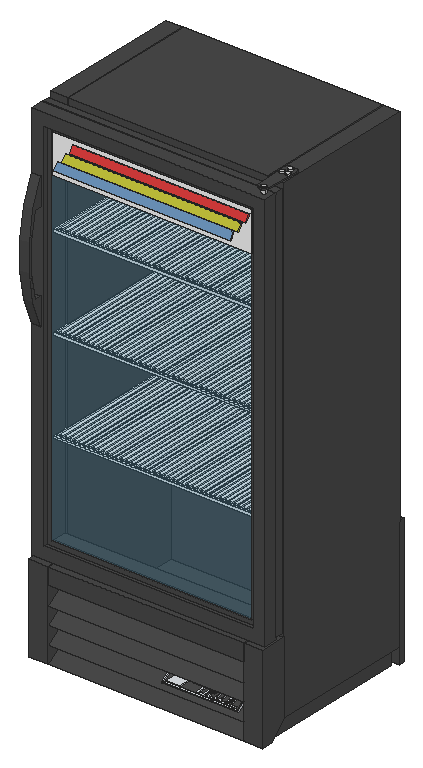
Revit family "QF_TRUE_GDM-10SSL-HC~TSL01", category Specialty Equipment, Revit 2016
Family settings
  Part Type = Normal
  Round Connector Dimension = Use Diameter
  Work Plane-Based = No
  Always vertical = Yes
  Cut with Voids When Loaded = No
  Shared = No
  Room Calculation Point = No
Parameters
  Weight in Pounds = 170
  Watts = Volts * FL Amps  # 230 W
  Volts = 115 V
  URL Cutsheet = ""
  Specification by User = ""
  Specification by Manufacturer = ""
  Show Logo [instance] = yes
  Show Default Legs [instance] = not(Show 2.5 Inches Castors)  # yes
  Show Clearance [instance] = yes
  Show 2.5 Inches Castors [instance] = no
  Serial Number = ""
  Seismic Rating = ""
  SMACNA No = ""
  Revision Code = ""
  Phase = 1
  Number of Poles = 1
  NAFEM Spec ID Number = ""
  Model = "GDM-10LSS-HC~TSL01"
  Min Ckt Ampacity = 0 A
  Max Overcurrent Protection = 0 A
  Materials and Finishes [instance] = QF_Plastic - Black - Smooth
  Masterspec = ""
  Manufacturer = "TRUE"
  Length = 24 13/16"
  Item Number = ""
  Installed By = ""
  Identify Quantity as Lot = yes
  Height [instance] = Body Height + Base Height  # 53 3/8"
  HP = "1/6"
  Furnished By = ""
  Foodservice Equipment Identifier = yes
  FL Amps = 2 A
  Electrical Remarks = ""
  Electric Connection Type = ""
  Elec Conn RI Height = 0"
  Elec Conn Connection Height = 0"
  Description = "SWING DOOR SUPER SLIM LINE REFRIGERATOR WITH HYDROCARBON REFRIGERANT-TRUE STANDARD LOOK VERSION 01"
  Depth = 20 1/32"
  Cycle = 60 Hz
  Conn Plug = "NEMA 5-15P"
  Conn Conduit = yes
  CSI MasterFormat = ""
  Body Height [instance] = 53 3/16"  # constant formula
  Base Height [instance] = if(Show 2.5 Inches Castors, 2 1/2", 3/16")  # 3/16"
  Apparent Power = 0 VA
Reference planes (in)
  plane 1 "BACK": y = 0
  plane 2: z = 0
  plane 3 "LEFT": x = 0
  plane 4 "RIGHT": x = 24.8125
  plane 5 "FRONT": y = -20.03125
  plane 6 "TOP": z = 53.375
  plane 7 "Center Y": x = 12.40625
  plane 8 "Center X": y = -10.01562
  plane 9: y = -0.53125
  plane 10: y = -18.40625
  plane 11: y = -41.625
  plane 12: z = 0.1875
Dimensions and locks (in)
  equal spacing: plane 3 "LEFT", plane 7 "Center Y", plane 4 "RIGHT"
  "Length": plane 3 "LEFT" to plane 4 "RIGHT"
  equal spacing: plane 5 "FRONT", plane 8 "Center X", plane 1 "BACK"
  "Depth": plane 5 "FRONT" to plane 1 "BACK"
  "Body Height": plane 6 "TOP" to plane 12
  plane 4 "RIGHT" to plane 3 "LEFT" = 24 13/16"
  plane 9 to plane 1 "BACK" = 17/32"
  plane 10 to plane 9 = 17 7/8"
  plane 5 "FRONT" to plane 10 = 1 5/8"
  plane 5 "FRONT" to plane 1 "BACK" = 20 1/32"
  plane 11 to plane 1 "BACK" = 41 5/8"
  "Base Height": plane 12 to level
  aligned and locked: level to plane 2
  aligned and locked: nested 1 to plane 12
Nested families (in)
  nested 1: "GDM-10-58-HC-TSL01" at (0, 0, 0), Show Clearance <- "Show Clearance", Show Default Legs <- "Show Default Legs", Show Logo <- "Show Logo", type "GDM-10-58-HC-TSL01"
    with Show Logo yes, Show Default Legs yes, Show Clearance yes
  nested 2: "2.5 INCHES_CASTER" at (2.25, -2.53125, 0), visible <- "Show 2.5 Inches Castors", 2.5 Inches Caster <- "Show 2.5 Inches Castors", type "2.5 INCHES_CASTER"
    with Type Mark "", Specification by User "", Revision Code "", Item Number "", Installed By "", Identify Quantity as Lot yes, Furnished By "", Foodservice Equipment Identifier yes, 2.5 Inches Caster no
  nested 3: "2.5 INCHES_CASTER" at (22.5625, -2.53125, 0), visible <- "Show 2.5 Inches Castors", 2.5 Inches Caster <- "Show 2.5 Inches Castors", type "2.5 INCHES_CASTER"
    with Type Mark "", Specification by User "", Revision Code "", Item Number "", Installed By "", Identify Quantity as Lot yes, Furnished By "", Foodservice Equipment Identifier yes, 2.5 Inches Caster no
  nested 4: "2.5 INCHES_CASTER" at (2.25, -17.28125, 0), visible <- "Show 2.5 Inches Castors", 2.5 Inches Caster <- "Show 2.5 Inches Castors", type "2.5 INCHES_CASTER"
    with Type Mark "", Specification by User "", Revision Code "", Item Number "", Installed By "", Identify Quantity as Lot yes, Furnished By "", Foodservice Equipment Identifier yes, 2.5 Inches Caster no
  nested 5: "2.5 INCHES_CASTER" at (22.5625, -17.28125, 0), visible <- "Show 2.5 Inches Castors", 2.5 Inches Caster <- "Show 2.5 Inches Castors", type "2.5 INCHES_CASTER"
    with Type Mark "", Specification by User "", Revision Code "", Item Number "", Installed By "", Identify Quantity as Lot yes, Furnished By "", Foodservice Equipment Identifier yes, 2.5 Inches Caster no
Connectors (in)
  electrical at (12.40625, 0, 7.53125), driven by "Volts", driven by "Watts"
    settings: on nested 1, index 1, voltage 115 V, apparent load 230 VA, apparent load phase1 0 VA, apparent load phase2 0 VA, apparent load phase3 0 VA, power factor 1, load classification "Other", number of poles 1, system type 30, power factor state 1, is connector primary yes, connector utility no, sub classification motor no, connector description "ELECTRICAL CONNECTION"
Definition of nested family "GDM-10-58-HC-TSL01"
  Parameters (values of type "GDM-10-58-HC-TSL01")
    Weight in Pounds = 0
    Watts = 0 W
    Volts = 0 V
    URL Cutsheet = ""
    Specification by User = ""
    Specification by Manufacturer = ""
    Show Logo [instance] = yes
    Show Default Legs [instance] = yes
    Show Clearance [instance] = yes
    Serial Number = ""
    Seismic Rating = ""
    SMACNA No = ""
    Revision Code = ""
    Phase = 0
    Number of Poles = 1
    NAFEM Spec ID Number = ""
    Model = ""
    Min Ckt Ampacity = 0 A
    Max Overcurrent Protection = 0 A
    Materials and Finishes = none
    Masterspec = ""
    Manufacturer = ""
    Length = 24 13/16"
    Item Number = ""
    Installed By = ""
    Identify Quantity as Lot = yes
    Height = 53 3/8"
    HP = "0"
    Furnished By = ""
    Foodservice Equipment Identifier = yes
    FL Amps = 0 A
    Electrical Remarks = ""
    Electric Connection Type = ""
    Elec Conn RI Height = 0"
    Elec Conn Connection Height = 0"
    Description = ""
    Depth = 20 1/32"
    Cycle = 0 Hz
    Conn Plug = ""
    Conn Conduit = yes
    CSI MasterFormat = ""
    Apparent Power = 0 VA
  Reference planes (in)
    plane 1 "BACK": y = 0
    plane 2: z = 0
    plane 3 "LEFT": x = 0
    plane 4 "RIGHT": x = 24.8125
    plane 5 "FRONT": y = -20.03125
    plane 6 "TOP": z = 53.375
    plane 7 "Center Y": x = 12.40625
    plane 8 "Center X": y = -10.01562
    plane 9: y = -0.53125
    plane 10: z = 10.5
    plane 11: z = 2.375
    plane 12: z = 10.5
    plane 13: y = -41.625
    plane 14: y = -46.625
    plane 15: z = 0.1875
    plane 16: y = -18.40625
  Forms (in)
    Extrusion 1, solid
      sketch origin (0.03125, -18.4375, 65.50979) x (0, 0, 1) y (1, 0, 0)
        loop
          line (-13.96984, 23.53125) -> (-54.00979, 23.53125) -> (-54.00979, 1.21875) -> (-13.96984, 1.21875) -> (-13.96984, 23.53125)
        loop
          line (-14.46984, 23.03125) -> (-53.50979, 23.03125) -> (-53.50979, 1.71875) -> (-14.46984, 1.71875) -> (-14.46984, 23.03125)
      from 2.25251 to 0.5
    Extrusion 2, solid, material <- "Materials and Finishes"
      sketch origin (0.03125, -18.4375, 65.50979) x (0, 0, 1) y (1, 0, 0)
        loop
          line (-55.25979, -0.03125) -> (-12.71984, -0.03125) -> (-12.71984, 24.78125) -> (-55.25979, 24.78125) -> (-55.25979, -0.03125)
        loop
          line (-13.96984, 23.53125) -> (-54.00979, 23.53125) -> (-54.00979, 1.21875) -> (-13.96984, 1.21875) -> (-13.96984, 23.53125)
      from 1.50251 to 0.03125
    Extrusion 3, solid
      sketch origin (0.03125, -18.4375, 65.50979) x (0, 0, 1) y (1, 0, 0)
        loop
          line (-13.96984, 23.53125) -> (-54.00979, 23.53125) -> (-54.00979, 1.21875) -> (-13.96984, 1.21875) -> (-13.96984, 23.53125)
        loop
          line (-13.71984, 23.78125) -> (-54.25979, 23.78125) -> (-54.25979, 0.96875) -> (-13.71984, 0.96875) -> (-13.71984, 23.78125)
      from 2.25251 to 2.5625
    Extrusion 4, solid
      sketch origin (0.03125, 2.9375, 12.89062) x (0, 1, 0) y (0, 0, 1)
        loop
          line (-3.46875, 39.39932) -> (-5.125, 39.39932) -> (-5.125, -9.51562) -> (-18.8125, -9.51562) -> (-18.8125, -10.51562) -> (-3.46875, -10.51562) -> (-3.46875, 39.39932)
      from 1.75 to 23
    Extrusion 5, solid, material <- "Materials and Finishes"
      sketch origin (0.03125, 2.9375, 12.89062) x (0, -1, 0) y (0, 0, 1)
        loop
          line (18.8125, 40.39932) -> (3.46875, 40.39932) -> (3.46875, -10.51562) -> (18.8125, -10.51562) -> (18.8125, 40.39932)
      from 0.03125 to -1.75
    Extrusion 6, solid, material <- "Materials and Finishes"
      sketch origin (0, -0.0625, -1.8125) x (0, 1, 0) y (0, 0, 1)
        loop
          line (-0.46875, 2.5) -> (0.0625, 2.5) -> (0.0625, 16.1875) -> (-0.46875, 16.1875) -> (-0.46875, 2.5)
      from 0 to 24.8125
    Extrusion 7, solid, material <- "Materials and Finishes"
      sketch origin (0, 5.46875, 0.375) x (0, 1, 0) y (0, 0, 1)
        loop
          line (-21.34375, 9.625) -> (-24.20354, 9.625) -> (-24.20354, 0.3125) -> (-23.03125, 0.3125) -> (-21.34375, 2) -> (-21.34375, 9.625)
      from 0 to 2
    Extrusion 8, solid
      sketch origin (0, 0.46875, 0.375) x (0, 1, 0) y (0, 0, 1)
        loop
          line (-16.34375, 2) -> (-18.03125, 0.3125) -> (-18.45312, 0.3125) -> (-18.45312, -0.1875) -> (-1, -0.1875) -> (-1, 2) -> (-16.34375, 2)
      from 0.98361 to 23.82889
    Extrusion 9, solid, material <- "Materials and Finishes"
      sketch origin (2, 5.46875, 0.375) x (0, 1, 0) y (0, 0, 1)
        loop
          line (-24.20354, 9.625) -> (-24.20354, 7.875) -> (-21.40384, 7.875) -> (-24.20354, 5.88192) -> (-23.74627, 5.88192) -> (-21.34375, 7.61566) -> (-21.34375, 9.625) -> (-24.20354, 9.625)
        loop
          line (-21.34375, 6.04694) -> (-24.20354, 4.01463) -> (-23.74627, 4.01463) -> (-21.34375, 5.74837) -> (-21.34375, 6.04694)
        loop
          line (-21.34375, 3.88108) -> (-21.34375, 4.17966) -> (-24.20354, 2.11927) -> (-23.78927, 2.11927) -> (-21.34375, 3.88108)
        loop
          line (-21.34375, 2.37289) -> (-24.20354, 0.3125) -> (-23.03125, 0.3125) -> (-21.34375, 2) -> (-21.34375, 2.37289)
      from 0 to 20.8125
    Extrusion 10, solid
      sketch origin (0.03125, -17.9375, 65.50979) x (0, 0, -1) y (1, 0, 0)
        loop
          line (18.71984, 1.71875) -> (53.50979, 1.71875) -> (53.50979, 23.03125) -> (18.71984, 23.03125) -> (18.71984, 1.71875)
      from 0 to -0.125
    Extrusion 11, solid, visible <- "Show Clearance", detail levels coarse
      sketch origin (23.15625, -18.4375, 10.5) x (0, -1, 0) y (-1, 0, 0)
        loop
          line (-0.03125, -1.65625) -> (23.1875, -1.65625)
          arc (23.1875, -1.65625) -> (16.70099, 15.54381) -> (-0.03125, 23.15625) r 24.08186
          line (-0.03125, 23.15625) -> (-0.03125, -1.65625)
      from 0.25 to -42.28994
    Extrusion 12, solid, material <- "Materials and Finishes"
      sketch origin (24.78125, 2.9375, 12.89062) x (0, -1, 0) y (0, 0, -1)
        loop
          line (18.8125, -40.39932) -> (18.8125, 10.51562) -> (3.46875, 10.51562) -> (3.46875, -40.39932) -> (18.8125, -40.39932)
      from 0.03125 to -1.75
    Extrusion 13, solid, material <- "Materials and Finishes"
      sketch origin (0.03125, -16.96624, 65.50979) x (0, 0, 1) y (1, 0, 0)
        loop
          line (-55.00979, -0.03125) -> (-12.71984, -0.03125) -> (-12.71984, 24.78125) -> (-55.00979, 24.78125) -> (-55.00979, -0.03125)
        loop
          line (-13.96984, 23.53125) -> (-53.75979, 23.53125) -> (-53.75979, 1.21875) -> (-13.96984, 1.21875) -> (-13.96984, 23.53125)
      from 0.78125 to 0.03125
    Extrusion 14, solid, material <- "Materials and Finishes"
      sketch origin (24.8125, 5.46875, 0.375) x (0, 1, 0) y (0, 0, -1)
        loop
          line (-21.34375, -9.625) -> (-21.34375, -2) -> (-23.03125, -0.3125) -> (-24.20354, -0.3125) -> (-24.20354, -9.625) -> (-21.34375, -9.625)
      from 0 to 2
    Extrusion 15, solid
      sketch origin (0.35938, 5, 0) x (1, 0, 0) y (0, 1, 0)
        loop
          circle (23.55974, -22.48479) r 0.25
      from 10 to 53.375
    Extrusion 16, solid, material <- "Materials and Finishes"
      sketch origin (0.375, 7.875, 22.39062) x (0, 1, 0) y (0, 0, 1)
        loop
          arc (-26.28125, 24.2861) -> (-27.90626, 17.09363) -> (-26.28125, 9.90116) r 16.72986
          line (-26.28125, 9.90116) -> (-26.28125, 12.85144) -> (-27.1009, 12.85144)
          arc (-27.1009, 12.85144) -> (-27.65626, 17.09363) -> (-27.1009, 21.33582) r 16.47986
          line (-27.1009, 21.33582) -> (-26.28125, 21.33582) -> (-26.28125, 24.2861)
      from -0.375 to 0.625
    Revolve 17, solid, visible <- "Show Default Legs"
      sketch origin (2, 5.46875, 0) x (0, 1, 0) y (0, 0, 1)
        loop
          line (-21.84375, 0) -> (-21.84375, 0.1875) -> (-22.6184, 0.1875) -> (-22.6184, 0) -> (-21.84375, 0)
        axis (-21.84375, 0) -> (-21.84375, 0.1875)
      angle from 0 to 360
    Revolve 18, solid, visible <- "Show Default Legs"
      sketch origin (2, 20.21875, 0) x (0, 1, 0) y (0, 0, 1)
        loop
          line (-21.84375, 0) -> (-21.84375, 0.1875) -> (-22.6184, 0.1875) -> (-22.6184, 0) -> (-21.84375, 0)
        axis (-21.84375, 0) -> (-21.84375, 0.1875)
      angle from 0 to 360
    Revolve 19, solid, visible <- "Show Default Legs"
      sketch origin (22.8125, 5.46875, 0) x (0, 1, 0) y (0, 0, -1)
        loop
          line (-21.84375, 0) -> (-22.6184, 0) -> (-22.6184, -0.1875) -> (-21.84375, -0.1875) -> (-21.84375, 0)
        axis (-21.84375, 0) -> (-21.84375, -0.1875)
      angle from 0 to 360
    Revolve 20, solid, visible <- "Show Default Legs"
      sketch origin (22.8125, 20.21875, 0) x (0, 1, 0) y (0, 0, -1)
        loop
          line (-21.84375, 0) -> (-22.6184, 0) -> (-22.6184, -0.1875) -> (-21.84375, -0.1875) -> (-21.84375, 0)
        axis (-21.84375, 0) -> (-21.84375, -0.1875)
      angle from 0 to 360
    Extrusion 21, solid, not visible
      sketch origin (-6.9261, -177.0625, 34.29306) x (-1, 0, 0) y (0, -1, 0)
        loop
          line (-8.70735, -174.875) -> (-8.70735, -159.25251) -> (-29.95735, -159.25251) -> (-29.95735, -174.875) -> (-8.70735, -174.875)
        loop
          line (-8.95735, -174.625) -> (-8.95735, -159.50251) -> (-29.70735, -159.50251) -> (-29.70735, -174.625) -> (-8.95735, -174.625)
      from 0 to 0.25
    Extrusion 22, solid, not visible
      sketch origin (0.23437, 2.9375, 7.80869) x (1, 0, 0) y (0, 0, 1)
        loop
          circle (10.17187, 26.73438) r 0.125
        loop
          circle (9.67187, 26.73438) r 0.125
        loop
          circle (9.17187, 26.73438) r 0.125
        loop
          circle (8.67187, 26.73438) r 0.125
        loop
          circle (8.17187, 26.73438) r 0.125
        loop
          circle (7.67187, 26.73438) r 0.125
        loop
          circle (7.17187, 26.73438) r 0.125
        loop
          circle (6.67187, 26.73438) r 0.125
        loop
          circle (6.17187, 26.73438) r 0.125
        loop
          circle (5.67187, 26.73438) r 0.125
        loop
          circle (5.17187, 26.73438) r 0.125
        loop
          circle (4.67187, 26.73438) r 0.125
        loop
          circle (4.17187, 26.73438) r 0.125
        loop
          circle (3.67187, 26.73438) r 0.125
        loop
          circle (3.17187, 26.73438) r 0.125
        loop
          circle (2.67187, 26.73438) r 0.125
        loop
          circle (2.17187, 26.73438) r 0.125
        loop
          circle (10.67187, 26.73438) r 0.125
        loop
          circle (11.17187, 26.73438) r 0.125
        loop
          circle (11.67187, 26.73438) r 0.125
        loop
          circle (12.17188, 26.73438) r 0.125
        loop
          circle (14.17188, 26.73438) r 0.125
        loop
          circle (14.67188, 26.73438) r 0.125
        loop
          circle (15.17188, 26.73438) r 0.125
        loop
          circle (15.67188, 26.73438) r 0.125
        loop
          circle (16.17188, 26.73438) r 0.125
        loop
          circle (16.67188, 26.73438) r 0.125
        loop
          circle (17.17188, 26.73438) r 0.125
        loop
          circle (17.67188, 26.73438) r 0.125
        loop
          circle (18.17188, 26.73438) r 0.125
        loop
          circle (18.67188, 26.73438) r 0.125
        loop
          circle (19.17188, 26.73438) r 0.125
        loop
          circle (19.67188, 26.73438) r 0.125
        loop
          circle (20.17188, 26.73438) r 0.125
        loop
          circle (20.67188, 26.73438) r 0.125
        loop
          circle (21.17188, 26.73438) r 0.125
        loop
          circle (21.67188, 26.73438) r 0.125
        loop
          circle (22.17188, 26.73438) r 0.125
        loop
          circle (13.67188, 26.73438) r 0.125
        loop
          circle (13.17188, 26.73438) r 0.125
        loop
          circle (12.67188, 26.73438) r 0.125
      from 5.375 to 20.49749
    Extrusion 23, solid
      sketch origin (-6.9261, -177.0625, 31.567) x (-1, 0, 0) y (0, -1, 0)
        loop
          line (-8.70735, -174.875) -> (-8.70735, -159.25251) -> (-29.95735, -159.25251) -> (-29.95735, -174.875) -> (-8.70735, -174.875)
        loop
          line (-8.95735, -174.625) -> (-8.95735, -159.50251) -> (-29.70735, -159.50251) -> (-29.70735, -174.625) -> (-8.95735, -174.625)
      from 0 to 0.25
    Extrusion 24, solid
      sketch origin (0.23437, 2.9375, 5.08262) x (1, 0, 0) y (0, 0, 1)
        loop
          circle (10.17187, 26.73438) r 0.125
        loop
          circle (9.67187, 26.73438) r 0.125
        loop
          circle (9.17187, 26.73438) r 0.125
        loop
          circle (8.67187, 26.73438) r 0.125
        loop
          circle (8.17187, 26.73438) r 0.125
        loop
          circle (7.67187, 26.73438) r 0.125
        loop
          circle (7.17187, 26.73438) r 0.125
        loop
          circle (6.67187, 26.73438) r 0.125
        loop
          circle (6.17187, 26.73438) r 0.125
        loop
          circle (5.67187, 26.73438) r 0.125
        loop
          circle (5.17187, 26.73438) r 0.125
        loop
          circle (4.67187, 26.73438) r 0.125
        loop
          circle (4.17187, 26.73438) r 0.125
        loop
          circle (3.67187, 26.73438) r 0.125
        loop
          circle (3.17187, 26.73438) r 0.125
        loop
          circle (2.67187, 26.73438) r 0.125
        loop
          circle (2.17187, 26.73438) r 0.125
        loop
          circle (10.67187, 26.73438) r 0.125
        loop
          circle (11.17187, 26.73438) r 0.125
        loop
          circle (11.67187, 26.73438) r 0.125
        loop
          circle (12.17188, 26.73438) r 0.125
        loop
          circle (14.17188, 26.73438) r 0.125
        loop
          circle (14.67188, 26.73438) r 0.125
        loop
          circle (15.17188, 26.73438) r 0.125
        loop
          circle (15.67188, 26.73438) r 0.125
        loop
          circle (16.17188, 26.73438) r 0.125
        loop
          circle (16.67188, 26.73438) r 0.125
        loop
          circle (17.17188, 26.73438) r 0.125
        loop
          circle (17.67188, 26.73438) r 0.125
        loop
          circle (18.17188, 26.73438) r 0.125
        loop
          circle (18.67188, 26.73438) r 0.125
        loop
          circle (19.17188, 26.73438) r 0.125
        loop
          circle (19.67188, 26.73438) r 0.125
        loop
          circle (20.17188, 26.73438) r 0.125
        loop
          circle (20.67188, 26.73438) r 0.125
        loop
          circle (21.17188, 26.73438) r 0.125
        loop
          circle (21.67188, 26.73438) r 0.125
        loop
          circle (22.17188, 26.73438) r 0.125
        loop
          circle (13.67188, 26.73438) r 0.125
        loop
          circle (13.17188, 26.73438) r 0.125
        loop
          circle (12.67188, 26.73438) r 0.125
      from 5.375 to 20.49749
    Extrusion 25, solid
      sketch origin (-6.9261, -177.0625, 41.413) x (-1, 0, 0) y (0, -1, 0)
        loop
          line (-8.70735, -174.875) -> (-8.70735, -159.25251) -> (-29.95735, -159.25251) -> (-29.95735, -174.875) -> (-8.70735, -174.875)
        loop
          line (-8.95735, -174.625) -> (-8.95735, -159.50251) -> (-29.70735, -159.50251) -> (-29.70735, -174.625) -> (-8.95735, -174.625)
      from 0 to 0.25
    Extrusion 26, solid
      sketch origin (0.23437, 2.9375, 14.92862) x (1, 0, 0) y (0, 0, 1)
        loop
          circle (10.17187, 26.73438) r 0.125
        loop
          circle (9.67187, 26.73438) r 0.125
        loop
          circle (9.17187, 26.73438) r 0.125
        loop
          circle (8.67187, 26.73438) r 0.125
        loop
          circle (8.17187, 26.73438) r 0.125
        loop
          circle (7.67187, 26.73438) r 0.125
        loop
          circle (7.17187, 26.73438) r 0.125
        loop
          circle (6.67187, 26.73438) r 0.125
        loop
          circle (6.17187, 26.73438) r 0.125
        loop
          circle (5.67187, 26.73438) r 0.125
        loop
          circle (5.17187, 26.73438) r 0.125
        loop
          circle (4.67187, 26.73438) r 0.125
        loop
          circle (4.17187, 26.73438) r 0.125
        loop
          circle (3.67187, 26.73438) r 0.125
        loop
          circle (3.17187, 26.73438) r 0.125
        loop
          circle (2.67187, 26.73438) r 0.125
        loop
          circle (2.17187, 26.73438) r 0.125
        loop
          circle (10.67187, 26.73438) r 0.125
        loop
          circle (11.17187, 26.73438) r 0.125
        loop
          circle (11.67187, 26.73438) r 0.125
        loop
          circle (12.17188, 26.73438) r 0.125
        loop
          circle (14.17188, 26.73438) r 0.125
        loop
          circle (14.67188, 26.73438) r 0.125
        loop
          circle (15.17188, 26.73438) r 0.125
        loop
          circle (15.67188, 26.73438) r 0.125
        loop
          circle (16.17188, 26.73438) r 0.125
        loop
          circle (16.67188, 26.73438) r 0.125
        loop
          circle (17.17188, 26.73438) r 0.125
        loop
          circle (17.67188, 26.73438) r 0.125
        loop
          circle (18.17188, 26.73438) r 0.125
        loop
          circle (18.67188, 26.73438) r 0.125
        loop
          circle (19.17188, 26.73438) r 0.125
        loop
          circle (19.67188, 26.73438) r 0.125
        loop
          circle (20.17188, 26.73438) r 0.125
        loop
          circle (20.67188, 26.73438) r 0.125
        loop
          circle (21.17188, 26.73438) r 0.125
        loop
          circle (21.67188, 26.73438) r 0.125
        loop
          circle (22.17188, 26.73438) r 0.125
        loop
          circle (13.67188, 26.73438) r 0.125
        loop
          circle (13.17188, 26.73438) r 0.125
        loop
          circle (12.67188, 26.73438) r 0.125
      from 5.375 to 20.49749
    Extrusion 27, solid
      sketch origin (-6.9261, -177.0625, 21.721) x (-1, 0, 0) y (0, -1, 0)
        loop
          line (-8.70735, -174.875) -> (-8.70735, -159.25251) -> (-29.95735, -159.25251) -> (-29.95735, -174.875) -> (-8.70735, -174.875)
        loop
          line (-8.95735, -174.625) -> (-8.95735, -159.50251) -> (-29.70735, -159.50251) -> (-29.70735, -174.625) -> (-8.95735, -174.625)
      from 0 to 0.25
    Extrusion 28, solid
      sketch origin (0.23437, 2.9375, -4.76338) x (1, 0, 0) y (0, 0, 1)
        loop
          circle (10.17187, 26.73438) r 0.125
        loop
          circle (9.67187, 26.73438) r 0.125
        loop
          circle (9.17187, 26.73438) r 0.125
        loop
          circle (8.67187, 26.73438) r 0.125
        loop
          circle (8.17187, 26.73438) r 0.125
        loop
          circle (7.67187, 26.73438) r 0.125
        loop
          circle (7.17187, 26.73438) r 0.125
        loop
          circle (6.67187, 26.73438) r 0.125
        loop
          circle (6.17187, 26.73438) r 0.125
        loop
          circle (5.67187, 26.73438) r 0.125
        loop
          circle (5.17187, 26.73438) r 0.125
        loop
          circle (4.67187, 26.73438) r 0.125
        loop
          circle (4.17187, 26.73438) r 0.125
        loop
          circle (3.67187, 26.73438) r 0.125
        loop
          circle (3.17187, 26.73438) r 0.125
        loop
          circle (2.67187, 26.73438) r 0.125
        loop
          circle (2.17187, 26.73438) r 0.125
        loop
          circle (10.67187, 26.73438) r 0.125
        loop
          circle (11.17187, 26.73438) r 0.125
        loop
          circle (11.67187, 26.73438) r 0.125
        loop
          circle (12.17188, 26.73438) r 0.125
        loop
          circle (14.17188, 26.73438) r 0.125
        loop
          circle (14.67188, 26.73438) r 0.125
        loop
          circle (15.17188, 26.73438) r 0.125
        loop
          circle (15.67188, 26.73438) r 0.125
        loop
          circle (16.17188, 26.73438) r 0.125
        loop
          circle (16.67188, 26.73438) r 0.125
        loop
          circle (17.17188, 26.73438) r 0.125
        loop
          circle (17.67188, 26.73438) r 0.125
        loop
          circle (18.17188, 26.73438) r 0.125
        loop
          circle (18.67188, 26.73438) r 0.125
        loop
          circle (19.17188, 26.73438) r 0.125
        loop
          circle (19.67188, 26.73438) r 0.125
        loop
          circle (20.17188, 26.73438) r 0.125
        loop
          circle (20.67188, 26.73438) r 0.125
        loop
          circle (21.17188, 26.73438) r 0.125
        loop
          circle (21.67188, 26.73438) r 0.125
        loop
          circle (22.17188, 26.73438) r 0.125
        loop
          circle (13.67188, 26.73438) r 0.125
        loop
          circle (13.17188, 26.73438) r 0.125
        loop
          circle (12.67188, 26.73438) r 0.125
      from 5.375 to 20.49749
    Extrusion 29, solid, material <- "Materials and Finishes"
      sketch origin (4.31688, 7.875, 17.80556) x (1, 0, 0) y (0, 1, 0)
        loop
          arc (19.40165, -21.39984) -> (19.03744, -21.55726) -> (18.90258, -21.93042) r 0.5
          line (18.90258, -21.93042) -> (19.11273, -25.35979)
          arc (19.11273, -25.35979) -> (19.6118, -25.82921) -> (20.11086, -25.35979) r 0.5
          line (20.11086, -25.35979) -> (20.32101, -21.93042)
          arc (20.32101, -21.93042) -> (20.18615, -21.55726) -> (19.82195, -21.39984) r 0.5
          line (19.82195, -21.39984) -> (19.40165, -21.39984)
      from 35.48438 to 35.56944
    Extrusion 30, solid
      sketch origin (4.30731, 7.875, 17.80556) x (1, 0, 0) y (0, 1, 0)
        loop
          circle (19.6118, -21.78078) r 0.25
        loop
          circle (19.30218, -22.51019) r 0.25
        loop
          circle (19.92141, -22.51019) r 0.25
      from 35.48438 to 35.64063
    Extrusion 31, solid
      sketch origin (0.75, -15.8125, -26.58506) x (-1, 0, 0) y (0, 0, 1)
        loop
          line (-1, 77.625) -> (-22.3125, 77.625) -> (-22.3125, 73.375) -> (-1, 73.375) -> (-1, 77.625)
      from -0.37249 to -2.125
    Extrusion 32, solid
      sketch origin (0.75, -17.9375, -25.33506) x (1, 0, 0) y (0, 0, 1)
        loop
          line (2.10165, 73.75) -> (20.84375, 73.75) -> (21.22761, 74.75) -> (2.48552, 74.75) -> (2.10165, 73.75)
      from 0 to 0.03125
    Extrusion 33, solid
      sketch origin (0.75, -17.9375, -26.33506) x (1, 0, 0) y (0, 0, 1)
        loop
          line (3.30123, 76.875) -> (2.91736, 75.875) -> (21.64348, 75.875) -> (22.02734, 76.875) -> (3.30123, 76.875)
      from 0 to 0.03125
    Extrusion 34, solid
      sketch origin (0.75, -17.9375, -24.33506) x (1, 0, 0) y (0, 0, 1)
        loop
          line (1.28594, 71.625) -> (20.02239, 71.625) -> (20.40625, 72.625) -> (1.66981, 72.625) -> (1.28594, 71.625)
      from 0 to 0.03125
    Extrusion 35, solid, material <- "Materials and Finishes"
      sketch origin (20.40625, -69.74366, 53.28994) x (0, 1, 0) y (-1, 0, 0)
        loop
          line (69.21241, -2.625) -> (69.21241, 18.625) -> (53.86866, 18.625) -> (53.86866, -2.625) -> (69.21241, -2.625)
      from 0 to -1
    Extrusion 36, solid, material <- "Materials and Finishes"
      sketch origin (0, 0, 0) x (1, 0, 0) y (0, 0, 1)
        loop
          circle (12.40625, 7.53125) r 0.25
      from 0 to -0.125
  Lines and regions (in)
    symbolic lines
      curve 1: line (0, 0, 0) -> (24.8125, 0, 0)
      curve 2: line (0, -18.40625, 0) -> (0, 0, 0)
      curve 3: line (24.8125, -18.40625, 0) -> (0, -18.40625, 0)
      curve 4: line (24.8125, 0, 0) -> (24.8125, -18.40625, 0)
      curve 5: line (24.8125, -16.93499, 0) -> (24.46144, -16.93499, 0)
      curve 6: line (24.8125, -16.18499, 0) -> (24.5074, -16.18499, 0)
      curve 7: line (0, -15.875, 0) -> (23.33097, -15.875, 0)
      curve 8: line (1.78125, -0.53125, 0) -> (1.78125, -15.875, 0)
      curve 9: line (23.03125, -15.875, 0) -> (23.03125, -0.53125, 0)
      curve 10: line (0, -0.53125, 0) -> (24.8125, -0.53125, 0)
      curve 11: line (0, -20.03126, 0) -> (0, -18.40625, 0)
      curve 12: line (0, -20.03126, 0) -> (1, -20.03126, 0)
      curve 13: line (1, -20.03126, 0) -> (1, -18.40625, 0)
      curve 14: line (24.8125, -18.40625, 0) -> (3.78864, -30.54438, 0)
      curve 15: arc (3.78864, -30.54438, 0) -> (1.07871, -24.72989, 0) -> (0, -18.40625, 0) r 24.08186
      curve 16: line (24.13883, -13.52484, 0) -> (23.71853, -13.52484, 0)
      curve 17: arc (23.71853, -13.52484, 0) -> (23.35432, -13.68226, 0) -> (23.21947, -14.05542, 0) r 0.5
      curve 18: line (23.21947, -14.05542, 0) -> (23.42962, -17.48479, 0)
      curve 19: arc (23.42962, -17.48479, 0) -> (23.92868, -17.95421, 0) -> (24.42775, -17.48479, 0) r 0.5
      curve 20: line (24.42775, -17.48479, 0) -> (24.6379, -14.05542, 0)
      curve 21: arc (24.6379, -14.05542, 0) -> (24.50304, -13.68226, 0) -> (24.13883, -13.52484, 0) r 0.5
      curve 22: arc (24.16911, -17.48479, 0) -> (23.91911, -17.23479, 0) -> (23.66911, -17.48479, 0) r 0.25
      curve 23: arc (23.66911, -17.48479, 0) -> (23.91911, -17.73479, 0) -> (24.16911, -17.48479, 0) r 0.25
      curve 24: arc (23.3595, -14.63519, 0) -> (23.6095, -14.88519, 0) -> (23.8595, -14.63519, 0) r 0.25
      curve 25: arc (23.8595, -14.63519, 0) -> (23.6095, -14.38519, 0) -> (23.3595, -14.63519, 0) r 0.25
      curve 26: arc (23.97873, -14.63519, 0) -> (24.22873, -14.88519, 0) -> (24.47873, -14.63519, 0) r 0.25
      curve 27: arc (24.47873, -14.63519, 0) -> (24.22873, -14.38519, 0) -> (23.97873, -14.63519, 0) r 0.25
      curve 28: arc (23.66911, -13.90578, 0) -> (23.91911, -14.15578, 0) -> (24.16911, -13.90578, 0) r 0.25
      curve 29: arc (24.16911, -13.90578, 0) -> (23.91911, -13.65578, 0) -> (23.66911, -13.90578, 0) r 0.25
      curve 30: line (24.52639, -15.875, 0) -> (24.8125, -15.875, 0)
      curve 31: line (23.34997, -16.18499, 0) -> (0, -16.18499, 0)
      curve 32: line (23.39593, -16.93499, 0) -> (0, -16.93499, 0)
  Dimensions and locks (in)
    equal spacing: plane 3 "LEFT", plane 7 "Center Y", plane 4 "RIGHT"
    "Length": plane 3 "LEFT" to plane 4 "RIGHT"
    equal spacing: plane 5 "FRONT", plane 8 "Center X", plane 1 "BACK"
    "Depth": plane 5 "FRONT" to plane 1 "BACK"
    "Height": plane 6 "TOP" to level
    plane 4 "RIGHT" to plane 3 "LEFT" = 24 13/16"
    plane 9 to plane 1 "BACK" = 17/32"
    plane 5 "FRONT" to plane 1 "BACK" = 20 1/32"
    plane 1 "BACK" to plane 13 = 41 5/8"
    plane 14 to plane 1 "BACK" = 46 5/8"
    plane 15 to level = 3/16"
    plane 16 to plane 9 = 17 7/8"
    equal spacing: Extrusion 6, Extrusion 36 sketch curve, Extrusion 7
    aligned and locked: level to plane 2
  Automatic sketch dimensions
    Extrusion 24 sketch curve to Extrusion 24 sketch curve = 1/2"  (x40)
    Extrusion 24 sketch curve to Extrusion 24 sketch curve = 0"  (x40)
    Extrusion 26 sketch curve to Extrusion 26 sketch curve = 1/2"  (x40)
    Extrusion 26 sketch curve to Extrusion 26 sketch curve = 0"  (x40)
    Extrusion 28 sketch curve to Extrusion 28 sketch curve = 1/2"  (x40)
    Extrusion 28 sketch curve to Extrusion 28 sketch curve = 0"  (x40)
    Extrusion 6 sketch curve to Extrusion 6 sketch curve = 13 11/16"
    Extrusion 7 sketch curve to Extrusion 7 sketch curve = 1 11/16"  (x2)
    Extrusion 7 sketch curve to Extrusion 7 sketch curve = 7 5/8"
    Extrusion 9 sketch curve to Extrusion 7 = 0"  (x11)
    Extrusion 7 to Extrusion 9 sketch curve = 0"  (x2)
    Extrusion 9 sketch curve to Extrusion 9 sketch curve = 0.41427"
    Extrusion 9 sketch curve to Extrusion 9 sketch curve = 0.45727"  (x2)
    Extrusion 9 sketch curve to Extrusion 7 = 0.06009"
    Extrusion 9 sketch curve to Extrusion 7 = 1.80677"
    Extrusion 9 sketch curve to Extrusion 9 sketch curve = 0.37289"
    Extrusion 9 sketch curve to Extrusion 9 sketch curve = 1.5082"
    Extrusion 9 sketch curve to Extrusion 9 sketch curve = 1.89536"
    Extrusion 9 sketch curve to Extrusion 9 sketch curve = 0.29857"  (x2)
    Extrusion 9 sketch curve to Extrusion 9 sketch curve = 1.56871"  (x2)
    Extrusion 9 sketch curve to Extrusion 9 sketch curve = 1.86729"
    Extrusion 9 sketch curve to Extrusion 9 sketch curve = 1 3/4"
    Extrusion 1 to Extrusion 10 sketch curve = 0"
    Extrusion 10 sketch curve to Extrusion 1 = 0"  (x2)
    Extrusion 11 sketch curve to plane 13 = 0"
    Extrusion 14 sketch curve to Extrusion 14 sketch curve = 1 11/16"  (x2)
    Extrusion 15 sketch curve to Extrusion 15 sketch curve = 1/4"
    Extrusion 16 sketch curve to Extrusion 16 sketch curve = 0"  (x5)
    Extrusion 16 sketch curve to Extrusion 16 sketch curve = 2.95028"
    Revolve 17 sketch curve to Revolve 17 sketch curve = 0.77465"
    Revolve 17 sketch curve to Revolve 17 sketch curve = 0"  (x2)
    Revolve 17 sketch curve to Revolve 17 sketch curve = 0.38265"
    Revolve 18 sketch curve to Revolve 18 sketch curve = 0.77465"
    Revolve 18 sketch curve to Revolve 18 sketch curve = 0"  (x2)
    Revolve 18 sketch curve to Revolve 18 sketch curve = 0.38265"
    Revolve 19 sketch curve to Revolve 19 sketch curve = 0.77465"
    Revolve 19 sketch curve to Revolve 19 sketch curve = 0"  (x2)
    Revolve 19 sketch curve to Revolve 19 sketch curve = 0.38265"
    Revolve 20 sketch curve to Revolve 20 sketch curve = 0.77465"
    Revolve 20 sketch curve to Revolve 20 sketch curve = 0"  (x2)
    Revolve 20 sketch curve to Revolve 20 sketch curve = 0.38265"
    Extrusion 29 sketch curve to Extrusion 29 sketch curve = 0.49906"  (x4)
    Extrusion 29 sketch curve to Extrusion 29 sketch curve = 0.4203"
    Extrusion 29 sketch curve to Extrusion 29 sketch curve = 0.03058"  (x2)
    Extrusion 29 sketch curve to Extrusion 29 sketch curve = 3.42938"
    Extrusion 29 sketch curve to Extrusion 29 sketch curve = 0"
    Extrusion 30 sketch curve to Extrusion 30 sketch curve = 0.30962"
    Extrusion 30 sketch curve to Extrusion 30 sketch curve = 0"
    Extrusion 30 sketch curve to Extrusion 30 sketch curve = 0.72941"
    Extrusion 32 sketch curve to Extrusion 31 = 1.10165"
    Extrusion 32 sketch curve to Extrusion 32 sketch curve = 0.38386"  (x2)
    Extrusion 32 sketch curve to Extrusion 31 = 1 15/32"
    Extrusion 32 sketch curve to Extrusion 31 = 1 5/8"
    Extrusion 32 sketch curve to Extrusion 32 sketch curve = 1"
    Extrusion 33 sketch curve to Extrusion 31 = 1.91736"
    Extrusion 33 sketch curve to Extrusion 31 = 1/2"
    Extrusion 33 sketch curve to Extrusion 33 sketch curve = 0.38386"
    Extrusion 33 sketch curve to Extrusion 31 = 0.66902"
    Extrusion 33 sketch curve to Extrusion 31 = 73/256"
    Extrusion 33 sketch curve to Extrusion 33 sketch curve = 1"
    Extrusion 34 sketch curve to Extrusion 31 = 0.28594"
    Extrusion 34 sketch curve to Extrusion 31 = 0.66981"
    Extrusion 34 sketch curve to Extrusion 31 = 1/2"
    Extrusion 34 sketch curve to Extrusion 31 = 2.29011"
    Extrusion 34 sketch curve to Extrusion 34 sketch curve = 0.38386"
    Extrusion 34 sketch curve to Extrusion 34 sketch curve = 1"
    Extrusion 4 sketch curve to plane 11 = 0"
    plane 11 to Extrusion 4 sketch curve = 1"
    Extrusion 2 sketch curve to plane 10 = 1/4"
    plane 10 to Extrusion 2 sketch curve = 1"
    Extrusion 13 sketch curve to plane 12 = 0"
    plane 12 to Extrusion 13 sketch curve = 1 1/4"
    Extrusion 1 sketch curve to Extrusion 1 sketch curve = 1/2"  (x4)
    Extrusion 10 sketch curve to Extrusion 1 = 4 3/4"
    Extrusion 3 sketch curve to Extrusion 3 sketch curve = 1/4"  (x4)
    Extrusion 1 sketch curve to Extrusion 1 sketch curve = 39.03994"
    Extrusion 1 sketch curve to Extrusion 1 sketch curve = 21 5/16"
    Extrusion 2 sketch curve to Extrusion 2 sketch curve = 40.03994"
    Extrusion 2 sketch curve to Extrusion 2 sketch curve = 1 1/4"  (x3)
    Extrusion 2 sketch curve to Extrusion 2 sketch curve = 22 5/16"
    Extrusion 3 sketch curve to Extrusion 3 sketch curve = 40.03994"
    Extrusion 3 sketch curve to Extrusion 3 sketch curve = 22 5/16"
    Extrusion 4 sketch curve to Extrusion 4 sketch curve = 13 11/16"
    Extrusion 4 sketch curve to Extrusion 4 sketch curve = 1 21/32"
    Extrusion 4 sketch curve to Extrusion 4 sketch curve = 48.91494"
    Extrusion 5 sketch curve to Extrusion 5 sketch curve = 15 11/32"
    Extrusion 5 sketch curve to Extrusion 5 sketch curve = 50.91494"
    Extrusion 6 sketch curve to Extrusion 6 sketch curve = 17/32"
    Extrusion 7 sketch curve to Extrusion 7 sketch curve = 1.17229"
    Extrusion 11 sketch curve to Extrusion 11 sketch curve = 23 7/32"
    Extrusion 11 sketch curve to Extrusion 11 sketch curve = 109/128"
    Extrusion 11 sketch curve to Extrusion 11 sketch curve = 24.0668"
    Extrusion 12 sketch curve to Extrusion 12 sketch curve = 15 11/32"
    Extrusion 12 sketch curve to Extrusion 12 sketch curve = 50.91494"
    Extrusion 13 sketch curve to Extrusion 13 sketch curve = 39.78994"
    Extrusion 13 sketch curve to Extrusion 13 sketch curve = 1 1/4"  (x3)
    Extrusion 13 sketch curve to Extrusion 13 sketch curve = 22 5/16"
    Extrusion 14 sketch curve to Extrusion 14 sketch curve = 1.17229"
    Extrusion 14 sketch curve to Extrusion 14 sketch curve = 7 5/8"
    Extrusion 16 sketch curve to Extrusion 16 sketch curve = 0.81965"  (x2)
    Extrusion 16 sketch curve to Extrusion 16 sketch curve = 15.10485"
    Extrusion 16 sketch curve to Extrusion 16 sketch curve = 4 31/128"
    Revolve 17 sketch curve to Revolve 17 sketch curve = 3/16"
    Revolve 18 sketch curve to Revolve 18 sketch curve = 3/16"
    Revolve 19 sketch curve to Revolve 19 sketch curve = 3/16"
    Revolve 20 sketch curve to Revolve 20 sketch curve = 3/16"
    Extrusion 29 sketch curve to Extrusion 29 sketch curve = 0.21015"
    Extrusion 30 sketch curve to Extrusion 30 sketch curve = 0.61923"
    Extrusion 31 sketch curve to Extrusion 31 sketch curve = 21 5/16"
    Extrusion 31 sketch curve to Extrusion 31 sketch curve = 4 1/4"
    Extrusion 35 sketch curve to Extrusion 35 sketch curve = 15 11/32"
    Extrusion 35 sketch curve to Extrusion 35 sketch curve = 21 1/4"
    Extrusion 4 sketch curve to plane 9 = 0"
    Extrusion 5 sketch curve to plane 9 = 0"
    plane 15 to Extrusion 5 sketch curve = 2 3/16"
    Extrusion 6 sketch curve to plane 9 = 0"
    plane 15 to Extrusion 6 sketch curve = 1/2"
    Extrusion 12 sketch curve to plane 9 = 0"
    Extrusion 12 sketch curve to plane 6 "TOP" = 0.08506"
    Revolve 18 sketch curve to plane 15 = 0"
    Revolve 18 sketch curve to plane 9 = 1.8684"
    Revolve 20 sketch curve to plane 15 = 0"
    Revolve 20 sketch curve to plane 9 = 1.8684"
    Extrusion 35 sketch curve to plane 9 = 0"
    plane 4 "RIGHT" to Extrusion 35 sketch curve = 1 25/32"
    Extrusion 25 sketch curve to Extrusion 25 sketch curve = 1/4"  (x4)
    Extrusion 25 sketch curve to Extrusion 25 sketch curve = 20 3/4"
    Extrusion 25 sketch curve to Extrusion 25 sketch curve = 15.12249"
    Extrusion 21 sketch curve to Extrusion 21 sketch curve = 1/4"  (x4)
    Extrusion 21 sketch curve to Extrusion 21 sketch curve = 20 3/4"
    Extrusion 21 sketch curve to Extrusion 21 sketch curve = 15.12249"
    Extrusion 23 sketch curve to Extrusion 23 sketch curve = 1/4"  (x4)
    Extrusion 23 sketch curve to Extrusion 23 sketch curve = 20 3/4"
    Extrusion 23 sketch curve to Extrusion 23 sketch curve = 15.12249"
    Extrusion 27 sketch curve to Extrusion 27 sketch curve = 1/4"  (x4)
    Extrusion 27 sketch curve to Extrusion 27 sketch curve = 20 3/4"
    Extrusion 27 sketch curve to Extrusion 27 sketch curve = 15.12249"
    Extrusion 8 sketch curve to plane 9 = 0"
    plane 16 to Extrusion 8 sketch curve = 2 17/32"
    plane 16 to Extrusion 8 sketch curve = 27/32"
    Extrusion 8 sketch curve to Extrusion 8 sketch curve = 27/64"
    plane 15 to Extrusion 8 sketch curve = 1/2"
    plane 15 to Extrusion 8 sketch curve = 2 3/16"
    Extrusion 8 sketch curve to plane 15 = 0"
    plane 4 "RIGHT" to Extrusion 1 sketch curve = 1 1/4"
    plane 15 to Extrusion 1 sketch curve = 11 5/16"
    Extrusion 2 sketch curve to plane 3 "LEFT" = 0"
    plane 3 "LEFT" to Extrusion 3 sketch curve = 1"
    plane 15 to Extrusion 3 sketch curve = 11 1/16"
    Extrusion 7 sketch curve to plane 16 = 0.32854"
    plane 15 to Extrusion 7 sketch curve = 1/2"
    Extrusion 11 sketch curve to plane 3 "LEFT" = 0"
    Extrusion 13 sketch curve to plane 3 "LEFT" = 0"
    Extrusion 14 sketch curve to plane 16 = 0.32854"
    plane 15 to Extrusion 14 sketch curve = 9 13/16"
    Extrusion 15 sketch curve to Extrusion 15 sketch curve = 0"  (x2)
    plane 4 "RIGHT" to Extrusion 15 sketch curve = 0.89339"
    plane 16 to Extrusion 15 sketch curve = 0.92146"
    Extrusion 16 sketch curve to plane 16 = 0"
    Extrusion 16 sketch curve to plane 6 "TOP" = 21.08322"
    Revolve 17 sketch curve to plane 15 = 0"
    plane 16 to Revolve 17 sketch curve = 1.2566"
    Revolve 19 sketch curve to plane 15 = 0"
    plane 16 to Revolve 19 sketch curve = 1.2566"
    plane 4 "RIGHT" to Extrusion 29 sketch curve = 1.59303"
    plane 16 to Extrusion 29 sketch curve = 0.92146"
    plane 4 "RIGHT" to Extrusion 30 sketch curve = 1.203"
    plane 16 to Extrusion 30 sketch curve = 3.77106"
    plane 4 "RIGHT" to Extrusion 31 sketch curve = 1 3/4"
    Extrusion 31 sketch curve to plane 6 "TOP" = 6.58506"
    plane 1 "BACK" to curve 1 = 0"
    curve 1 to plane 3 "LEFT" = 0"
    curve 13 to plane 16 = 0"
    curve 8 to plane 9 = 0"
    curve 14 to plane 4 "RIGHT" = 0"
    plane 5 "FRONT" to curve 12 = 0"
    plane 3 "LEFT" to curve 12 = 1"
    plane 3 "LEFT" to curve 14 = 3.78864"
    plane 4 "RIGHT" to curve 18 = 1.59303"
    plane 16 to curve 18 = 0.92146"
    plane 4 "RIGHT" to curve 18 = 1.38288"
    curve 18 to curve 24 = 0.39003"
    curve 18 to curve 17 = 0.49906"
    curve 17 to curve 29 = 0.20058"
    curve 19 to curve 23 = 0.48949"
    curve 22 to curve 19 = 0.00957"
    curve 22 to curve 15 = 0.14769"
    curve 28 to curve 21 = 0.21972"
    plane 4 "RIGHT" to curve 27 = 0.58377"
    curve 15 to curve 20 = 0.36094"
    plane 4 "RIGHT" to curve 20 = 0.1746"
    curve 15 to curve 22 = 0.06989"
    curve 22 to curve 19 = 0.03058"
    curve 19 to curve 27 = 2.81903"
    curve 25 to curve 26 = 0"
    curve 27 to curve 20 = 0.57977"
    curve 25 to curve 18 = 0.57977"
    curve 18 to curve 17 = 0.03058"
    curve 17 to curve 28 = 0.11906"
    plane 3 "LEFT" to curve 8 = 1 25/32"
    curve 9 to curve 10 = 1 25/32"
    curve 9 to curve 7 = 0.29972"
    curve 7 to curve 31 = 0.019"
    curve 24 to curve 24 = 1/4"
    curve 32 to curve 19 = 0.03369"
    curve 19 to curve 23 = 0.23949"
    curve 29 to curve 17 = 0.04942"
    curve 24 to curve 26 = 0.11923"
    plane 4 "RIGHT" to curve 5 = 0.35106"
    plane 4 "RIGHT" to curve 6 = 0.3051"
    plane 4 "RIGHT" to curve 30 = 0.28611"
    curve 20 to curve 5 = 0.5498"
    Extrusion 36 sketch curve to plane 7 "Center Y" = 0"
    radius of Extrusion 24 sketch curve = 1/8"  (x41)
    radius of Extrusion 26 sketch curve = 1/8"  (x41)
    radius of Extrusion 28 sketch curve = 1/8"  (x41)
    radius of Extrusion 30 sketch curve = 1/4"  (x3)
    radius of Extrusion 36 sketch curve = 1/4"
  Nested families (in)
    nested 1: "QF_LOGO_TRUE" at (13.73437, -17.01905, 2.22774), Show Logo <- "Show Logo", type "QF_LOGO_TRUE", detail levels medium+fine
      with Show Logo yes
  Connectors (in)
    electrical at (12.40625, 0, 7.53125), driven by "Volts", driven by "Watts"
      settings: on Extrusion 6, index 1, voltage 0 V, apparent load 0 VA, apparent load phase1 0 VA, apparent load phase2 0 VA, apparent load phase3 0 VA, power factor 1, load classification none, number of poles 1, system type 30, power factor state 1, is connector primary yes, connector utility no, sub classification motor no, connector description "ELECTRICAL CONNECTION"
  Definition of nested family "QF_LOGO_TRUE"
    Parameters (values of type "QF_LOGO_TRUE")
      Show Logo [instance] = yes
    Reference planes (in)
      plane 1 "Center (Front/Back)": y = 0
      plane 2: z = 0
      plane 3 "Center (Left/Right)": x = 0
    Forms (in)
      Extrusion 1, solid, visible <- "Show Logo"
        sketch origin (-78.34647, -5.69797, -45.41461) x (1, 0, 0) y (0, 0.811961, 0.583711)
          loop
            line (81.15226, 31.65456) -> (81.07353, 31.48573) -> (82.12083, 31.48573)
            arc (82.12083, 31.48573) -> (82.14208, 31.44814) -> (82.12083, 31.41055) r 0.04386
            line (82.12083, 31.41055) -> (81.84767, 30.82478)
            arc (81.84767, 30.82478) -> (81.84531, 30.77052) -> (81.882, 30.73048) r 0.07096
            line (81.882, 30.73048) -> (82.55165, 30.73048)
            arc (82.55165, 30.73048) -> (82.63621, 30.75714) -> (82.69019, 30.82748) r 0.14742
            line (82.69019, 30.82748) -> (82.90515, 31.28847) -> (83.10265, 31.28847)
            arc (83.10265, 31.28847) -> (83.15447, 31.26942) -> (83.14697, 31.21472) r 0.04405
            line (83.14697, 31.21472) -> (82.9671, 30.82899)
            arc (82.9671, 30.82899) -> (82.9699, 30.76493) -> (83.02398, 30.73048) r 0.06943
            line (83.02398, 30.73048) -> (83.6124, 30.73048)
            arc (83.6124, 30.73048) -> (83.65748, 30.74689) -> (83.68147, 30.78844) r 0.07014
            arc (83.68147, 30.78844) -> (83.69845, 30.74745) -> (83.73943, 30.73048) r 0.05796
            line (83.73943, 30.73048) -> (84.112, 30.73048)
            arc (84.112, 30.73048) -> (84.15504, 30.74201) -> (84.18655, 30.77352) r 0.08608
            arc (84.18655, 30.77352) -> (84.20164, 30.7371) -> (84.23806, 30.72202) r 0.0515
            line (84.23806, 30.72202) -> (84.76757, 30.72202)
            arc (84.76757, 30.72202) -> (84.81086, 30.73995) -> (84.8288, 30.78324) r 0.06122
            arc (84.8288, 30.78324) -> (84.86848, 30.74355) -> (84.92269, 30.72903) r 0.10842
            line (84.92269, 30.72903) -> (85.91461, 30.72903) -> (86.02479, 30.91987) -> (85.0243, 30.91987)
            arc (85.0243, 30.91987) -> (84.99669, 30.93902) -> (84.99566, 30.97261) r 0.03732
            line (84.99566, 30.97261) -> (85.01297, 31.00972)
            arc (85.01297, 31.00972) -> (85.03954, 31.04453) -> (85.0813, 31.05774) r 0.07263
            line (85.0813, 31.05774) -> (85.40289, 31.05774)
            arc (85.40289, 31.05774) -> (85.4723, 31.07633) -> (85.52311, 31.12715) r 0.13882
            line (85.52311, 31.12715) -> (85.61625, 31.28847)
            arc (85.61625, 31.28847) -> (85.61625, 31.37458) -> (85.54168, 31.41763) r 0.08611
            line (85.54168, 31.41763) -> (85.20227, 31.41763)
            arc (85.20227, 31.41763) -> (85.11574, 31.40294) -> (85.05538, 31.33923) r 0.13863
            line (85.05538, 31.33923) -> (84.89409, 30.99333)
            arc (84.89409, 30.99333) -> (84.84649, 30.9313) -> (84.77191, 30.90778) r 0.13002
            line (84.77191, 30.90778) -> (84.41984, 30.90778)
            arc (84.41984, 30.90778) -> (84.3777, 30.95378) -> (84.38042, 31.0161) r 0.08151
            line (84.38042, 31.0161) -> (84.56766, 31.41763) -> (84.44849, 31.41763) -> (84.25012, 30.99222)
            arc (84.25012, 30.99222) -> (84.21158, 30.94199) -> (84.15119, 30.92296) r 0.10527
            line (84.15119, 30.92296) -> (83.90842, 30.92296)
            arc (83.90842, 30.92296) -> (83.8674, 30.97642) -> (83.87619, 31.04323) r 0.08805
            line (83.87619, 31.04323) -> (84.05078, 31.41763) -> (83.92772, 31.41763) -> (83.72676, 30.98668)
            arc (83.72676, 30.98668) -> (83.68011, 30.94003) -> (83.61639, 30.92296) r 0.12745
            line (83.61639, 30.92296) -> (83.26484, 30.92296)
            arc (83.26484, 30.92296) -> (83.2017, 30.9524) -> (83.19563, 31.0218) r 0.06967
            line (83.19563, 31.0218) -> (83.31118, 31.26961) -> (83.47452, 31.26961)
            arc (83.47452, 31.26961) -> (83.50209, 31.35268) -> (83.56075, 31.41763) r 0.21289
            line (83.56075, 31.41763) -> (82.92244, 31.41763)
            arc (82.92244, 31.41763) -> (82.85151, 31.40191) -> (82.80242, 31.34834) r 0.12081
            line (82.80242, 31.34834) -> (82.6294, 30.9773)
            arc (82.6294, 30.9773) -> (82.58962, 30.93752) -> (82.53528, 30.92296) r 0.10869
            line (82.53528, 30.92296) -> (82.1542, 30.92296)
            arc (82.1542, 30.92296) -> (82.12446, 30.96315) -> (82.13012, 31.01283) r 0.06822
            line (82.13012, 31.01283) -> (82.38156, 31.48573) -> (83.01596, 31.48573) -> (83.09469, 31.65456) -> (82.46029, 31.65456) -> (82.53902, 31.8234) -> (82.31334, 31.8234) -> (82.23461, 31.65456) -> (81.15226, 31.65456)
          loop
            arc (85.15937, 31.26434) -> (85.13191, 31.25698) -> (85.1118, 31.23688) r 0.05494
            line (85.1118, 31.23688) -> (85.09547, 31.18665)
            arc (85.09547, 31.18665) -> (85.10304, 31.16837) -> (85.12133, 31.16079) r 0.02586
            line (85.12133, 31.16079) -> (85.39889, 31.16079)
            arc (85.39889, 31.16079) -> (85.41888, 31.16523) -> (85.43513, 31.1777) r 0.04731
            line (85.43513, 31.1777) -> (85.44863, 31.2402)
            arc (85.44863, 31.2402) -> (85.44466, 31.25693) -> (85.42914, 31.26434) r 0.01994
            line (85.42914, 31.26434) -> (85.15937, 31.26434)
          loop
            line (78.62961, 30.74125) -> (80.12032, 30.74125) -> (80.73891, 31.81268) -> (79.2482, 31.81268) -> (78.62961, 30.74125)
        from 34.76797 to 34.83173
      Extrusion 2, solid, visible <- "Show Logo"
        sketch origin (-142.84857, -8.01816, -47.06044) x (1, 0, 0) y (0, 0.811961, 0.583711)
          loop
            line (150.81107, 34.71978) -> (142.98607, 34.71978) -> (142.98607, 33.4921) -> (150.81107, 33.4921) -> (150.81107, 34.71978)
        from 34.75108 to 34.78125
      Extrusion 3, solid, visible <- "Show Logo"
        sketch origin (-142.84857, -8.01816, -47.06044) x (1, 0, 0) y (0, 0.811961, 0.583711)
          loop
            line (150.94857, 34.85727) -> (142.84857, 34.85727) -> (142.84857, 33.3546) -> (150.94857, 33.3546) -> (150.94857, 34.85727)
          loop
            line (142.98607, 34.71978) -> (142.98607, 33.4921) -> (150.81107, 33.4921) -> (150.81107, 34.71978) -> (142.98607, 34.71978)
        from 34.75108 to 34.81376
      Extrusion 4, solid, not visible
        sketch origin (121.45701, -16.5, 4.98235) x (1, 0, 0) y (0, 0, 1)
          loop
            line (25.20115, 35.89949) -> (25.20115, 33.96647) -> (30.95381, 33.96647) -> (30.95381, 35.89949) -> (25.20115, 35.89949)
        from 31.5 to 31.54261
      Extrusion 5, solid, not visible
        sketch origin (121.45701, -16.5, 4.98235) x (1, 0, 0) y (0, 0, 1)
          loop
            line (26.7387, 34.95472) -> (26.61492, 34.49276) -> (27.038, 34.49276)
            arc (27.038, 34.49276) -> (27.13117, 34.52484) -> (27.18485, 34.60749) r 0.15134
            arc (27.18485, 34.60749) -> (27.20396, 34.68138) -> (27.22435, 34.75493) r 4.37326
            arc (27.22435, 34.75493) -> (27.23458, 34.81765) -> (27.22435, 34.88037) r 0.1974
            arc (27.22435, 34.88037) -> (27.18247, 34.93579) -> (27.11563, 34.95472) r 0.10914
            line (27.11563, 34.95472) -> (26.7387, 34.95472)
          loop
            line (26.90201, 34.80638) -> (26.84645, 34.59903) -> (26.92855, 34.59903)
            arc (26.92855, 34.59903) -> (26.98205, 34.6185) -> (27.01051, 34.6678) r 0.08322
            line (27.01051, 34.6678) -> (27.02399, 34.74424)
            arc (27.02399, 34.74424) -> (27.01491, 34.78454) -> (26.97985, 34.80638) r 0.05353
            line (26.97985, 34.80638) -> (26.90201, 34.80638)
          loop
            line (27.45336, 34.66131) -> (27.76233, 34.66131) -> (27.78859, 34.73909)
            arc (27.78859, 34.73909) -> (27.7878, 34.82039) -> (27.73107, 34.87864) r 0.10925
            arc (27.73107, 34.87864) -> (27.68233, 34.8944) -> (27.63139, 34.89974) r 0.24595
            line (27.63139, 34.89974) -> (27.46708, 34.89974)
            arc (27.46708, 34.89974) -> (27.4068, 34.88073) -> (27.3535, 34.84677) r 0.2421
            arc (27.3535, 34.84677) -> (27.2897, 34.76363) -> (27.26702, 34.66131) r 0.2421
            line (27.26702, 34.66131) -> (27.26702, 34.54477)
            arc (27.26702, 34.54477) -> (27.31618, 34.4956) -> (27.38334, 34.47761) r 0.13431
            line (27.38334, 34.47761) -> (27.59054, 34.47761)
            arc (27.59054, 34.47761) -> (27.63459, 34.48281) -> (27.67622, 34.49812) r 0.18924
            line (27.67622, 34.49812) -> (27.73102, 34.61563)
            arc (27.73102, 34.61563) -> (27.68453, 34.59565) -> (27.63566, 34.58252) r 0.35376
            arc (27.63566, 34.58252) -> (27.55885, 34.56956) -> (27.48204, 34.58252) r 0.23415
            arc (27.48204, 34.58252) -> (27.44492, 34.61362) -> (27.45336, 34.66131) r 0.04838
          loop
            line (27.4842, 34.73042) -> (27.62012, 34.73042) -> (27.62621, 34.76496)
            arc (27.62621, 34.76496) -> (27.58961, 34.80242) -> (27.53739, 34.80638) r 0.0742
            arc (27.53739, 34.80638) -> (27.49747, 34.77773) -> (27.4842, 34.73042) r 0.0742
          loop
            line (27.91616, 34.97572) -> (27.78675, 34.49276) -> (27.98645, 34.49276) -> (28.11586, 34.97572) -> (27.91616, 34.97572)
          loop
            line (28.13678, 34.66131) -> (28.08755, 34.47761) -> (28.27134, 34.47761) -> (28.32056, 34.66131) -> (28.43674, 34.66131) -> (28.47974, 34.78864) -> (28.36519, 34.78864)
            arc (28.36519, 34.78864) -> (28.35733, 34.81649) -> (28.36921, 34.84288) r 0.04231
            arc (28.36921, 34.84288) -> (28.431, 34.8652) -> (28.49617, 34.85686) r 0.13988
            line (28.49617, 34.85686) -> (28.53544, 34.97317)
            arc (28.53544, 34.97317) -> (28.39725, 34.99096) -> (28.25905, 34.97317) r 0.54546
            arc (28.25905, 34.97317) -> (28.20849, 34.91994) -> (28.18197, 34.85147) r 0.1894
            line (28.18197, 34.85147) -> (28.17089, 34.78864) -> (28.11397, 34.78864) -> (28.07985, 34.66131) -> (28.13678, 34.66131)
          loop
            arc (28.74846, 34.89756) -> (28.65884, 34.88533) -> (28.56922, 34.89756) r 0.33455
            line (28.56922, 34.89756) -> (28.45669, 34.47761) -> (28.63593, 34.47761) -> (28.74846, 34.89756)
          loop
            arc (28.60398, 35.01195) -> (28.57699, 34.97173) -> (28.60398, 34.9315) r 0.04347
            line (28.60398, 34.9315) -> (28.75755, 34.9315)
            arc (28.75755, 34.9315) -> (28.78645, 34.96687) -> (28.77911, 35.01195) r 0.0556
            line (28.77911, 35.01195) -> (28.60398, 35.01195)
          loop
            line (28.95336, 34.66131) -> (29.26233, 34.66131) -> (29.28859, 34.73909)
            arc (29.28859, 34.73909) -> (29.2878, 34.82039) -> (29.23107, 34.87864) r 0.10925
            arc (29.23107, 34.87864) -> (29.18233, 34.8944) -> (29.13139, 34.89974) r 0.24595
            line (29.13139, 34.89974) -> (28.96708, 34.89974)
            arc (28.96708, 34.89974) -> (28.9068, 34.88073) -> (28.8535, 34.84677) r 0.2421
            arc (28.8535, 34.84677) -> (28.7897, 34.76363) -> (28.76702, 34.66131) r 0.2421
            line (28.76702, 34.66131) -> (28.76702, 34.54477)
            arc (28.76702, 34.54477) -> (28.81618, 34.4956) -> (28.88334, 34.47761) r 0.13431
            line (28.88334, 34.47761) -> (29.09054, 34.47761)
            arc (29.09054, 34.47761) -> (29.13459, 34.48281) -> (29.17622, 34.49812) r 0.18924
            line (29.17622, 34.49812) -> (29.23102, 34.61563)
            arc (29.23102, 34.61563) -> (29.18453, 34.59565) -> (29.13566, 34.58252) r 0.35376
            arc (29.13566, 34.58252) -> (29.05885, 34.56956) -> (28.98204, 34.58252) r 0.23415
            arc (28.98204, 34.58252) -> (28.94492, 34.61362) -> (28.95336, 34.66131) r 0.04838
          loop
            line (28.9842, 34.73042) -> (29.12012, 34.73042) -> (29.12621, 34.76496)
            arc (29.12621, 34.76496) -> (29.08961, 34.80242) -> (29.03739, 34.80638) r 0.0742
            arc (29.03739, 34.80638) -> (28.99747, 34.77773) -> (28.9842, 34.73042) r 0.0742
          loop
            line (29.41616, 34.97572) -> (29.28675, 34.49276) -> (29.48645, 34.49276) -> (29.61586, 34.97572) -> (29.41616, 34.97572)
          loop
            line (29.99836, 34.97572) -> (29.95192, 34.80242)
            arc (29.95192, 34.80242) -> (29.94473, 34.85705) -> (29.90102, 34.89059) r 0.07199
            arc (29.90102, 34.89059) -> (29.80023, 34.89941) -> (29.70251, 34.87322) r 0.29131
            arc (29.70251, 34.87322) -> (29.61806, 34.7652) -> (29.5896, 34.63108) r 0.30433
            line (29.5896, 34.63108) -> (29.5896, 34.55572)
            arc (29.5896, 34.55572) -> (29.61075, 34.50463) -> (29.66184, 34.48348) r 0.07224
            line (29.66184, 34.48348) -> (29.78537, 34.48348)
            arc (29.78537, 34.48348) -> (29.83854, 34.51313) -> (29.88504, 34.55243) r 0.31609
            line (29.88504, 34.55243) -> (29.86905, 34.49276) -> (30.05973, 34.49276) -> (30.18914, 34.97572) -> (29.99836, 34.97572)
          loop
            arc (29.84537, 34.75931) -> (29.79424, 34.71128) -> (29.77745, 34.64317) r 0.12371
            arc (29.77745, 34.64317) -> (29.80071, 34.59901) -> (29.85056, 34.59647) r 0.05045
            arc (29.85056, 34.59647) -> (29.90141, 34.64047) -> (29.92536, 34.7033) r 0.13769
            arc (29.92536, 34.7033) -> (29.90211, 34.75521) -> (29.84537, 34.75931) r 0.05543
          loop
            line (26.45047, 35.26762) -> (26.58211, 35.26762)
            arc (26.58211, 35.26762) -> (26.60467, 35.30821) -> (26.62126, 35.35157) r 0.3277
            arc (26.62126, 35.35157) -> (26.62714, 35.39992) -> (26.60877, 35.44503) r 0.09693
            arc (26.60877, 35.44503) -> (26.56454, 35.48868) -> (26.50462, 35.50516) r 0.12312
            arc (26.50462, 35.50516) -> (26.44158, 35.50565) -> (26.37854, 35.50546) r 5.76967
            arc (26.37854, 35.50546) -> (26.07462, 35.42923) -> (25.81045, 35.26076) r 0.97743
            line (25.81045, 35.26076) -> (25.85921, 35.26076)
            arc (25.85921, 35.26076) -> (26.08494, 35.39361) -> (26.3396, 35.45485) r 0.88817
            arc (26.3396, 35.45485) -> (26.41429, 35.44188) -> (26.47267, 35.39352) r 0.14748
            arc (26.47267, 35.39352) -> (26.48041, 35.32725) -> (26.45047, 35.26762) r 0.11636
          loop
            arc (26.35412, 35.17841) -> (26.19578, 35.0555) -> (26.00982, 34.98069) r 0.72453
            arc (26.00982, 34.98069) -> (25.9036, 34.95581) -> (25.79459, 34.9604) r 0.40201
